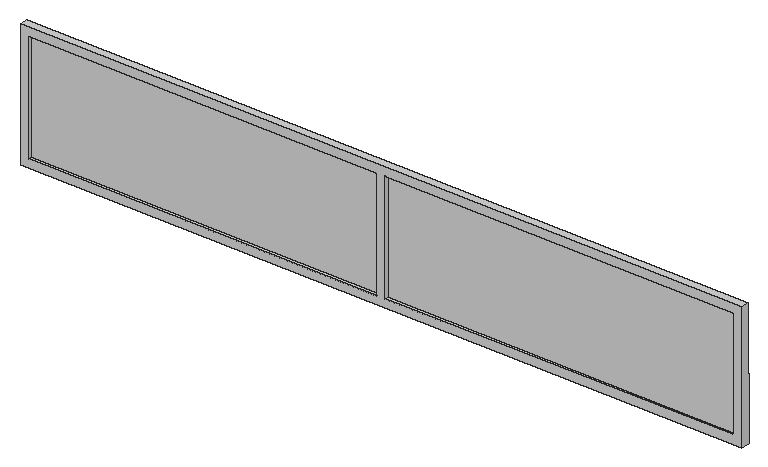
Revit family "WLV_A3-A3-Aluminium-Louvre-4011", category Furniture, Revit 2016
Family settings
  Work Plane-Based = No
  Always vertical = Yes
  Cut with Voids When Loaded = No
  Shared = No
  Room Calculation Point = No
Reference planes
  plane 1 "Center (Front/Back)": y = 0
  plane 2: z = 0
  plane 3 "Center (Left/Right)": x = 0
  plane 4 "LOUVRE FRONT": y = -45
  plane 5 "LOUVRE REF": y = -27.5
Forms (mm)
  Extrusion 1, solid, material "ALUMINIUM"
    sketch origin (0, -45, 0) x (1, 0, 0) y (0, 0, 1)
      loop
        line (-634.056, 0) -> (-634.056, -700) -> (3376.944, -700) -> (3376.944, 0) -> (-634.056, 0)
      loop
        line (-589.056, -45) -> (-589.056, -655) -> (1348.944, -655) -> (1348.944, -45) -> (-589.056, -45)
      loop
        line (3331.944, -655) -> (3331.944, -45) -> (1393.944, -45) -> (1393.944, -655) -> (3331.944, -655)
    from 0 to -45
  Extrusion 2, solid, material "ALUMINIUM LOUVRES"
    sketch origin (0, -27.5, 0) x (1, 0, 0) y (0, 0, 1)
      loop
        line (-589.056, -45) -> (-589.056, -655) -> (1348.944, -655) -> (1348.944, -45) -> (-589.056, -45)
    from 0 to -10
  Extrusion 3, solid, material "ALUMINIUM LOUVRES"
    sketch origin (2453.888, -27.5, 0) x (-1, 0, 0) y (0, 0, -1)
      loop
        line (-878.056, 45) -> (1059.944, 45) -> (1059.944, 655) -> (-878.056, 655) -> (-878.056, 45)
    from 0 to -10
Dimensions and locks
  Extrusion 1 sketch curve to Extrusion 1 sketch curve = 4011 mm
  aligned and locked: Extrusion 2 sketch curve to Extrusion 1
  aligned and locked: Extrusion 1 to Extrusion 2 sketch curve
  aligned and locked: Extrusion 3 sketch curve to Extrusion 1
